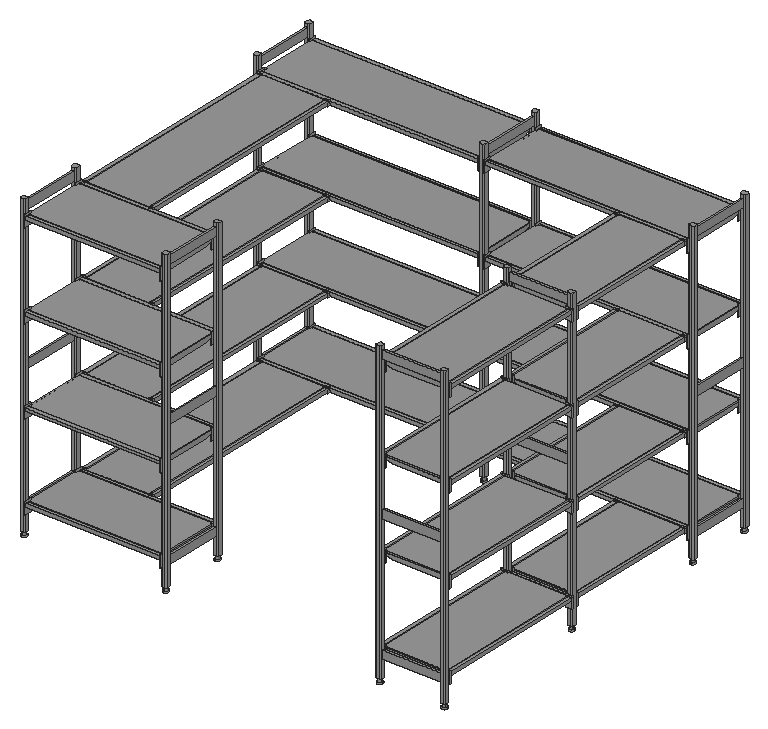
Revit family "QF_ELECTROLUXPROFESSIONAL_137102_CRS2420", category Attrezzature speciali, Revit 2020
Family settings
  Quota connettore circolare = Usa diametro
  Tipo di parte = Normale
  Basato su piano di lavoro = No
  Sempre verticale = Sì
  Taglio con vuoti quando caricato = No
  Condiviso = No
  Punto di calcolo locali = No
Parameters (values of type "Standard")
  Weight = 95.00 kg
  Watts = 0 W
  Volts = 0 V
  URL Manufacturer = "https://www.electroluxprofessional.com/"
  URL = "https://www.electroluxprofessional.com/"
  Steam Supply Size = 0 mm
  Steam Supply Minimum Pressure = 0.0 Pa
  Steam Supply Maximum Pressure = 0.0 Pa
  Steam Consumption per Hour = 0
  Refrigeration Suction Line Size = 0 mm
  Refrigeration Liquid Line Size = 0 mm
  Refrigerant Compressor Remote = yes
  Prospetto di default = 0 mm
  Produttore = "Electrolux Professional"
  Phase = 0
  Modello = "CRS2420"
  Length Actual = 708 mm  # constant formula
  Item Number = "137102"
  Hot Water Size = 0 mm
  Height Actual = 1550 mm  # constant formula
  HP = "0 HP"
  Gas Size = 0 mm
  Gas KW = 0
  Gas Input Pressure = 0 W
  Direct Waste Size = 0 mm
  Descrizione = "ALUM.SHELV.,POLY.TIERS-COLDROOM 243X203"
  Depth Actual = 373 mm  # constant formula
  Cycle = 0 Hz
  Condensate Return Size = 0 mm
  Compressed Air Volume = 0.0 L/s
  Compressed Air Size = 0 mm
  Compressed Air Pressure = 0.0 Pa
  Cold Water Size = 0 mm
  Accessory = yes
Reference planes
  plane 1 "Center (Front/Back)": y = 0
  plane 2: z = 0
  plane 3 "Center (Left/Right)": x = 0
  plane 4: x = -1215
  plane 5: y = 1015
  plane 6: y = -1015
  plane 7: x = 1215
  plane 8: x = -1157
  plane 9: x = 1157
  plane 10: y = 975.5
  plane 11: y = -975.5
Forms (mm)
  Extrusion 1, solid, material "QF_Clearances", detail levels coarse
    sketch origin (0, 0, 0) x (1, 0, 0) y (0, 1, 0)
      loop
        line (-1215, -1015) -> (1215, -1015) -> (1215, 1015) -> (-1215, 1015) -> (-1215, -1015)
      loop
        line (1157, -975.5) -> (1157, 975.5) -> (-1157, 975.5) -> (-1157, -975.5) -> (1157, -975.5)
    from 0 to 1590
Lines and regions (mm)
  symbolic lines, style "QF_Clearances"
    curve 1: line (-1215, 1015, 0) -> (-1215, -1015, 0)
    curve 2: line (1215, 1015, 0) -> (-1215, 1015, 0)
    curve 3: line (1215, -1015, 0) -> (1215, 1015, 0)
Dimensions and locks
  equal spacing: plane 5, plane 1 "Center (Front/Back)", plane 6
  plane 5 to plane 6 = 2030 mm
  equal spacing: plane 4, plane 3 "Center (Left/Right)", plane 7
  plane 4 to plane 7 = 2430 mm
  plane 4 to plane 8 = 58 mm  (x2)
  plane 8 to plane 9 = 2314 mm
  plane 11 to plane 6 = 39.5 mm
  plane 10 to plane 11 = 1951 mm
  Extrusion 1 to nested 3 = 775.5 mm
  Extrusion 1 to nested 3 = 84.5 mm
  aligned and locked: level to plane 2
  aligned and locked: plane 4 to Extrusion 1 sketch curve
  aligned and locked: Extrusion 1 sketch curve to plane 5
  aligned and locked: Extrusion 1 sketch curve to plane 7
  aligned and locked: Extrusion 1 sketch curve to plane 8
  aligned and locked: plane 10 to Extrusion 1 sketch curve
  aligned and locked: plane 9 to Extrusion 1 sketch curve
  aligned and locked: Extrusion 1 sketch curve to plane 11
  aligned and locked: Extrusion 1 sketch curve to plane 6
Automatic sketch dimensions
  curve 1 to plane 4 = 0 mm
  curve 2 to plane 5 = 0 mm
  curve 2 to plane 7 = 0 mm
  curve 1 to plane 6 = 0 mm
  curve 3 to plane 6 = 0 mm
Nested families
  nested 1: "QF_1152" at (-518, 952.5, 0), type "QF_1152"
  nested 2: "QF_1062" at (625, 952.5, 0), type "QF_1062"
  nested 3: "QF_708" at (-736.5, -580.5, 0), type "QF_708"
  nested 4: "QF_1152G2" at (-905.5, -36, 0), type "QF_1152G2"
  nested 5: "QF_708G" at (966.5, 408, 0), type "QF_708G"
  nested 6: "QF_798" at (772, -513.5, 0) x (0, 1, 0) z (0, 0, 1), type "QF_798"
Definition of nested family "QF_1152"
  Parameters
    Default Elevation = 0 mm
    Model = "137015"
    Manufacturer = "Electrolux Professional"
    Description = ""
  Reference planes
    plane 1: z = 0
    plane 2 "Center (Left/Right)": x = -31
    plane 3 "LEFT": x = -639
    plane 4 "RIGHT": x = 577
    plane 5 "BACK": y = 23
    plane 6 "FRONT": y = -350
    plane 7 "TOP": z = 1700
    plane 8: x = 572
    plane 9: x = -607
    plane 10: x = 545
    plane 11 "Center (Front/Back)": y = -163.5
    plane 12: x = 540
    plane 13: y = -8.5
    plane 14: y = -318.5
    plane 15 "FEET": z = 25
    plane 16: z = 140
    plane 17: z = 590
    plane 18: z = 1040
    plane 19: z = 1490
    plane 20 "CXLeft": x = -625
    plane 21 "CXRight": x = 563
    plane 22: y = 5.5
    plane 23 "CYBack": y = 5.5
    plane 24 "CYFront": y = -332.5
  Forms (mm)
    Extrusion 1, solid
      sketch origin (-639, 0, 0) x (0, 1, 0) y (0, 0, 1)
        loop
          line (4, 1515.994) -> (4, 1497.998) -> (23, 1497.998) -> (23, 1515.994) -> (4, 1515.994)
        loop
          line (-331, 1515.994) -> (-350, 1515.994) -> (-350, 1497.998) -> (-331, 1497.998) -> (-331, 1515.994)
        loop
          line (4, 1065.994) -> (4, 1047.998) -> (23, 1047.998) -> (23, 1065.994) -> (4, 1065.994)
        loop
          line (-331, 1065.994) -> (-350, 1065.994) -> (-350, 1047.998) -> (-331, 1047.998) -> (-331, 1065.994)
        loop
          line (4, 615.994) -> (4, 597.998) -> (23, 597.998) -> (23, 615.994) -> (4, 615.994)
        loop
          line (-331, 615.994) -> (-350, 615.994) -> (-350, 597.998) -> (-331, 597.998) -> (-331, 615.994)
        loop
          line (4, 165.994) -> (4, 147.998) -> (23, 147.998) -> (23, 165.994) -> (4, 165.994)
        loop
          line (-331, 165.994) -> (-350, 165.994) -> (-350, 147.998) -> (-331, 147.998) -> (-331, 165.994)
      from 32 to 1184
    Extrusion 2, solid
      sketch origin (-639, 0, 135) x (0, 1, 0) y (0, 0, 1)
        loop
          line (2.007, 1380.994) -> (-329, 1380.994) -> (-329, 1374.496) -> (2.007, 1374.496) -> (2.007, 1380.994)
        loop
          line (2.007, 930.994) -> (-329, 930.994) -> (-329, 924.496) -> (2.007, 924.496) -> (2.007, 930.994)
        loop
          line (2.007, 480.994) -> (-329, 480.994) -> (-329, 474.496) -> (2.007, 474.496) -> (2.007, 480.994)
        loop
          line (2.007, 30.994) -> (-329, 30.994) -> (-329, 24.496) -> (2.007, 24.496) -> (2.007, 30.994)
      from 32 to 1184
    Extrusion 3, solid
      sketch origin (577, 0, 135) x (0, 1, 0) y (0, 0, 1)
        loop
          line (-12, 1362.998) -> (4, 1362.998) -> (4, 1380.994) -> (2.007, 1380.994) -> (2.007, 1374.496) -> (-329, 1374.496) -> (-329, 1380.994) -> (-331, 1380.994) -> (-331, 1362.998) -> (-315, 1362.998) -> (-281, 1350.994) -> (-46, 1350.994) -> (-12, 1362.998)
        loop
          line (-12, 912.998) -> (4, 912.998) -> (4, 930.994) -> (2.007, 930.994) -> (2.007, 924.496) -> (-329, 924.496) -> (-329, 930.994) -> (-331, 930.994) -> (-331, 912.998) -> (-315, 912.998) -> (-281, 900.994) -> (-46, 900.994) -> (-12, 912.998)
        loop
          line (-12, 462.998) -> (4, 462.998) -> (4, 480.994) -> (2.007, 480.994) -> (2.007, 474.496) -> (-329, 474.496) -> (-329, 480.994) -> (-331, 480.994) -> (-331, 462.998) -> (-315, 462.998) -> (-281, 450.994) -> (-46, 450.994) -> (-12, 462.998)
        loop
          line (-12, 12.998) -> (4, 12.998) -> (4, 30.994) -> (2.007, 30.994) -> (2.007, 24.496) -> (-329, 24.496) -> (-329, 30.994) -> (-331, 30.994) -> (-331, 12.998) -> (-315, 12.998) -> (-281, 0.994) -> (-46, 0.994) -> (-12, 12.998)
      from -32 to -37
  Lines and regions (mm)
    symbolic lines
      curve 1: line (545, 4, 1700) -> (-607, 4, 1700)
      curve 2: line (-611, 23, 1700) -> (549, 23, 1700)
      curve 3: line (549, 13.246, 1700) -> (555.254, 19.5, 1700)
      curve 4: line (555.254, -8.5, 1700) -> (549, -2.246, 1700)
      curve 5: line (555.254, -318.5, 1700) -> (549, -324.754, 1700)
      curve 6: line (-611, -350, 1700) -> (549, -350, 1700)
      curve 7: line (549, 23, 1700) -> (549, -12.993, 1700)
      curve 8: line (549, -12.993, 1700) -> (545, -12.993, 1700)
      curve 9: line (549, -350, 1700) -> (549, -314.007, 1700)
      curve 10: line (549, -314.007, 1700) -> (545, -314.007, 1700)
      curve 11: line (-607, -12.993, 1700) -> (-607, -314.007, 1700)
      curve 12: line (-607, -331, 1700) -> (545, -331, 1700)
      curve 13: line (545, -12.993, 1700) -> (545, -314.007, 1700)
  Dimensions and locks
    locked: plane 3 "LEFT" to plane 4 "RIGHT" at 1216
    equal spacing: plane 3 "LEFT", plane 2 "Center (Left/Right)", plane 4 "RIGHT"
    locked: plane 7 "TOP" to level at 1700
    locked: plane 5 "BACK" to plane 6 "FRONT" at 373
    locked: plane 4 "RIGHT" to plane 8 at 5
    locked: plane 9 to plane 10 at 1152
    locked: plane 3 "LEFT" to plane 9 at 32
    plane 12 to plane 10 = 5 mm
    locked: plane 13 to plane 14 at 310
    equal spacing: plane 13, plane 11 "Center (Front/Back)", plane 14
    equal spacing: plane 5 "BACK", plane 11 "Center (Front/Back)", plane 6 "FRONT"
    plane 15 "FEET" to level = 25 mm
    plane 7 "TOP" to plane 15 "FEET" = 1675 mm
    plane 17 to plane 16 = 450 mm
    plane 18 to plane 17 = 450 mm
    plane 19 to plane 18 = 450 mm
    locked: plane 3 "LEFT" to plane 20 "CXLeft" at 14
    locked: plane 21 "CXRight" to plane 4 "RIGHT" at 14
    locked: plane 5 "BACK" to plane 23 "CYBack" at 17.5
    locked: plane 24 "CYFront" to plane 6 "FRONT" at 17.5
    plane 16 to level = 140 mm
    plane 17 to level = 590 mm
    plane 18 to level = 1040 mm
    plane 19 to level = 1490 mm
    aligned and locked: level to plane 1
    aligned and locked: plane 9 to Extrusion 2
    aligned and locked: Extrusion 2 to plane 10
    aligned and locked: plane 9 to Extrusion 1
    aligned and locked: Extrusion 1 to plane 10
    aligned and locked: Extrusion 1 sketch curve to Extrusion 1 sketch curve  (x2)
    aligned and locked: Extrusion 3 sketch curve to Extrusion 3 sketch curve  (x3)
    aligned and locked: Extrusion 3 to plane 12
    aligned and locked: Extrusion 3 to plane 10
    aligned and locked: plane 20 "CXLeft" to nested 1
    aligned and locked: plane 21 "CXRight" to nested 2
  Automatic sketch dimensions
    Extrusion 1 sketch curve to plane 6 "FRONT" = 0 mm  (x4)
    Extrusion 1 sketch curve to plane 5 "BACK" = 0 mm  (x4)
    plane 24 "CYFront" to Extrusion 1 sketch curve = 1.5 mm  (x2)
    plane 22 to Extrusion 1 sketch curve = 1.5 mm  (x4)
    plane 16 to Extrusion 1 sketch curve = 7.998 mm  (x2)
    Extrusion 1 sketch curve to Extrusion 1 sketch curve = 17.997 mm  (x8)
    plane 17 to Extrusion 1 sketch curve = 7.998 mm  (x2)
    plane 18 to Extrusion 1 sketch curve = 7.998 mm  (x2)
    plane 19 to Extrusion 1 sketch curve = 7.998 mm  (x2)
    plane 24 "CYFront" to Extrusion 2 sketch curve = 3.5 mm  (x4)
    plane 22 to Extrusion 2 sketch curve = 3.493 mm  (x4)
    plane 16 to Extrusion 2 sketch curve = 19.496 mm
    Extrusion 2 sketch curve to Extrusion 2 sketch curve = 6.499 mm  (x4)
    plane 17 to Extrusion 2 sketch curve = 19.496 mm
    plane 18 to Extrusion 2 sketch curve = 19.496 mm
    plane 19 to Extrusion 2 sketch curve = 19.496 mm
    plane 24 "CYFront" to Extrusion 3 sketch curve = 1.5 mm  (x4)
    Extrusion 3 sketch curve to Extrusion 3 sketch curve = 2 mm
    plane 14 to Extrusion 3 sketch curve = 3.5 mm  (x4)
    Extrusion 3 sketch curve to plane 16 = 4.006 mm
    Extrusion 3 sketch curve to Extrusion 3 sketch curve = 34 mm  (x4)
    Extrusion 3 sketch curve to plane 17 = 4.006 mm
    Extrusion 3 sketch curve to plane 18 = 4.006 mm
    Extrusion 3 sketch curve to plane 19 = 4.006 mm
    Extrusion 3 sketch curve to plane 13 = 37.5 mm  (x4)
    Extrusion 3 sketch curve to plane 13 = 3.5 mm  (x4)
    plane 22 to Extrusion 3 sketch curve = 3.493 mm  (x4)
    plane 22 to Extrusion 3 sketch curve = 1.5 mm  (x4)
    plane 16 to Extrusion 3 sketch curve = 7.998 mm  (x2)
    Extrusion 3 sketch curve to Extrusion 3 sketch curve = 11.498 mm  (x4)
    Extrusion 3 sketch curve to Extrusion 3 sketch curve = 6.499 mm  (x8)
    plane 17 to Extrusion 3 sketch curve = 7.998 mm  (x2)
    plane 18 to Extrusion 3 sketch curve = 7.998 mm  (x2)
    plane 19 to Extrusion 3 sketch curve = 7.998 mm  (x2)
    curve 6 to plane 6 "FRONT" = 0 mm
    curve 12 to plane 9 = 0 mm
    curve 12 to plane 10 = 0 mm
    curve 5 to plane 14 = 0 mm
    curve 11 to plane 9 = 0 mm
    curve 8 to plane 10 = 0 mm
    curve 4 to plane 13 = 0 mm
    curve 1 to plane 9 = 0 mm
    curve 1 to plane 10 = 0 mm
    curve 2 to plane 5 "BACK" = 0 mm
    plane 14 to curve 10 = 4.493 mm
    curve 7 to plane 13 = 4.493 mm
    curve 10 to plane 10 = 4 mm
    curve 7 to plane 10 = 4 mm
    plane 24 "CYFront" to curve 12 = 1.5 mm
    curve 5 to plane 14 = 6.254 mm
    plane 14 to curve 11 = 4.493 mm
    curve 11 to plane 13 = 4.493 mm
    plane 13 to curve 4 = 6.254 mm
    plane 22 to curve 1 = 1.5 mm
    curve 3 to plane 22 = 7.746 mm
    curve 3 to plane 5 "BACK" = 3.5 mm
    curve 5 to curve 9 = 6.254 mm
    curve 3 to curve 2 = 6.254 mm
    curve 4 to curve 7 = 6.254 mm
    plane 9 to curve 2 = 4 mm
    plane 9 to curve 6 = 4 mm
  Nested families
    nested 1: "WT_Anta373B" at (-222, 0, 0), type "WT_Anta373B"
    nested 2: "WT_Anta373B" at (160, 0, 0) x (-1, 0, 0) z (0, 0, 1), type "WT_Anta373B"
  Definition of nested family "WT_Anta373B"
    Parameters
      WidthLeft = A + 64 mm  # 772 mm
      Width = 1606 mm
      Right = WidthLeft / 2  # 386 mm
      Default Elevation = 0 mm
      Left = -WidthLeft / 2  # -386 mm
      Height = 1590 mm
      FEET = 25 mm
      E = 0 mm
      Dint = Depth - 63 mm  # 310 mm
      Dext = Depth - 8 mm  # 365 mm
      Depth = 373 mm
      DX = (WidthLeft - A) / 2  # 32 mm
      B = 798 mm
      A = 708 mm
    Reference planes
      plane 1: z = 0
      plane 2 "LEFT": x = -417
      plane 3 "BACK": y = 23
      plane 4 "FRONT": y = -350
      plane 5 "TOP": z = 1590
      plane 6 "Center (Front/Back)": y = -163.5
      plane 7: y = -8.5
      plane 8: y = -318.5
      plane 9 "FEET": z = 25
      plane 10: z = 140
      plane 11: z = 590
      plane 12: z = 1040
      plane 13: z = 1490
      plane 14 "CXLeft": x = -403
      plane 15: y = 5.5
      plane 16 "CYBack": y = 5.5
      plane 17 "CYFront": y = -332.5
      plane 18: x = -385.031
      plane 19: x = -380.031
    Forms (mm)
      Extrusion 1, solid
        sketch origin (0, 0, 0) x (1, 0, 0) y (0, 1, 0)
          loop
            line (-417, 13.246) -> (-417, -2.246) -> (-410.746, -8.5) -> (-395.254, -8.5) -> (-389, -2.246) -> (-389, 13.246) -> (-395.254, 19.5) -> (-410.746, 19.5) -> (-417, 13.246)
        from 1590 to 25
      Extrusion 2, solid
        sketch origin (-417, 0, 0) x (0, 1, 0) y (0, 0, 1)
          loop
            line (23, 111.005) -> (23, 172.993) -> (-12.993, 172.993) -> (-12.993, 111.005) -> (23, 111.005)
          loop
            line (-350, 111.005) -> (-314.007, 111.005) -> (-314.007, 172.993) -> (-350, 172.993) -> (-350, 111.005)
          loop
            line (23, 561.005) -> (23, 622.993) -> (-12.993, 622.993) -> (-12.993, 561.005) -> (23, 561.005)
          loop
            line (-350, 561.005) -> (-314.007, 561.005) -> (-314.007, 622.993) -> (-350, 622.993) -> (-350, 561.005)
          loop
            line (23, 1011.005) -> (23, 1072.993) -> (-12.993, 1072.993) -> (-12.993, 1011.005) -> (23, 1011.005)
          loop
            line (-350, 1011.005) -> (-314.007, 1011.005) -> (-314.007, 1072.993) -> (-350, 1072.993) -> (-350, 1011.005)
          loop
            line (23, 1461.005) -> (23, 1522.993) -> (-12.993, 1522.993) -> (-12.993, 1461.005) -> (23, 1461.005)
          loop
            line (-350, 1461.005) -> (-314.007, 1461.005) -> (-314.007, 1522.993) -> (-350, 1522.993) -> (-350, 1461.005)
        from 28 to 32
      Revolve 3, solid
        sketch origin (-403, 0, 0) x (0, 1, 0) y (0, 0, 1)
          loop
            line (5.5, 25) -> (5.5, 0) -> (19, 0) -> (19, 5) -> (14, 5) -> (14, 25) -> (5.5, 25)
          axis (5.5, 25) -> (5.5, 0)
        angle from 0 to 360
      Extrusion 4, solid
        sketch origin (-403, 0, 0) x (0, 1, 0) y (0, 0, 1)
          loop
            line (-8.5, 777.382) -> (-8.5, 822.374) -> (-318.5, 822.374) -> (-318.5, 777.382) -> (-8.5, 777.382)
          loop
            line (-8.5, 1527.244) -> (-8.5, 1572.236) -> (-318.5, 1572.236) -> (-318.5, 1527.244) -> (-8.5, 1527.244)
        from -5 to 5
      Revolve 5, solid
        sketch origin (-403, -627, 0) x (0, -1, 0) y (0, 0, 1)
          loop
            line (-294.5, 25) -> (-294.5, 0) -> (-281, 0) -> (-281, 5) -> (-286, 5) -> (-286, 25) -> (-294.5, 25)
          axis (-294.5, 25) -> (-294.5, 0)
        angle from 0 to 360
      Extrusion 6, solid
        sketch origin (0, -627, 0) x (1, 0, 0) y (0, 1, 0)
          loop
            line (-417, 286.754) -> (-410.746, 280.5) -> (-395.254, 280.5) -> (-389, 286.754) -> (-389, 302.246) -> (-395.254, 308.5) -> (-410.746, 308.5) -> (-417, 302.246) -> (-417, 286.754)
        from 1590 to 25
      Extrusion 7, solid
        sketch origin (-417.031, -0.022, 0) x (0, 1, 0) y (0, 0, -1)
          loop
            line (-12, -1497.998) -> (-46, -1485.994) -> (-281, -1485.994) -> (-315, -1497.998) -> (-331, -1497.998) -> (-331, -1515.994) -> (-329, -1515.994) -> (-329, -1509.496) -> (2.007, -1509.496) -> (2.007, -1515.994) -> (4, -1515.994) -> (4, -1497.998) -> (-12, -1497.998)
          loop
            line (-12, -1047.998) -> (-46, -1035.994) -> (-281, -1035.994) -> (-315, -1047.998) -> (-331, -1047.998) -> (-331, -1065.994) -> (-329, -1065.994) -> (-329, -1059.496) -> (2.007, -1059.496) -> (2.007, -1065.994) -> (4, -1065.994) -> (4, -1047.998) -> (-12, -1047.998)
          loop
            line (-12, -597.998) -> (-46, -585.994) -> (-281, -585.994) -> (-315, -597.998) -> (-331, -597.998) -> (-331, -615.994) -> (-329, -615.994) -> (-329, -609.496) -> (2.007, -609.496) -> (2.007, -615.994) -> (4, -615.994) -> (4, -597.998) -> (-12, -597.998)
          loop
            line (-12, -147.998) -> (-46, -135.994) -> (-281, -135.994) -> (-315, -147.998) -> (-331, -147.998) -> (-331, -165.994) -> (-329, -165.994) -> (-329, -159.496) -> (2.007, -159.496) -> (2.007, -165.994) -> (4, -165.994) -> (4, -147.998) -> (-12, -147.998)
        from -32 to -37
      Extrusion 8, solid
        sketch origin (-403, 0, -659.878) x (0, 1, 0) y (0, 0, 1)
          loop
            line (-8.5, 777.382) -> (-8.5, 822.374) -> (-318.5, 822.374) -> (-318.5, 777.382) -> (-8.5, 777.382)
          loop
            line (-8.5, 1437.382) -> (-8.5, 1482.374) -> (-318.5, 1482.374) -> (-318.5, 1437.382) -> (-8.5, 1437.382)
          loop
            line (-8.5, 2187.382) -> (-8.5, 2232.374) -> (-318.5, 2232.374) -> (-318.5, 2187.382) -> (-8.5, 2187.382)
        from -5 to 5
    Lines and regions (mm)
      symbolic lines
        curve 1: line (-408, -8.5, 1590) -> (-408, -318.5, 1590)
        curve 2: line (-398, -318.5, 1590) -> (-398, -8.5, 1590)
        curve 3: line (-395.254, -8.5, 1590) -> (-410.746, -8.5, 1590)
        curve 4: line (-417, -2.246, 1590) -> (-410.746, -8.5, 1590)
        curve 5: line (-417, 13.246, 1590) -> (-417, -2.246, 1590)
        curve 6: line (-410.746, 19.5, 1590) -> (-417, 13.246, 1590)
        curve 7: line (-395.254, 19.5, 1590) -> (-410.746, 19.5, 1590)
        curve 8: line (-389, 13.246, 1590) -> (-395.254, 19.5, 1590)
        curve 9: line (-395.254, -8.5, 1590) -> (-389, -2.246, 1590)
        curve 10: line (-395.254, -318.5, 1590) -> (-410.746, -318.5, 1590)
        curve 11: line (-417, -324.754, 1590) -> (-410.746, -318.5, 1590)
        curve 12: line (-410.746, -346.5, 1590) -> (-417, -340.246, 1590)
        curve 13: line (-395.254, -346.5, 1590) -> (-410.746, -346.5, 1590)
        curve 14: line (-389, -340.246, 1590) -> (-395.254, -346.5, 1590)
        curve 15: line (-395.254, -318.5, 1590) -> (-389, -324.754, 1590)
        curve 16: line (-389, -350, 1590) -> (-389, -314.007, 1590)
        curve 17: line (-389, -314.007, 1590) -> (-385, -314.007, 1590)
        curve 18: line (-389, 23, 1590) -> (-389, -12.993, 1590)
        curve 19: line (-389, -12.993, 1590) -> (-385, -12.993, 1590)
        curve 20: line (-417, -324.754, 1590) -> (-417, -340.246, 1590)
        curve 21: line (-385, -350, 1590) -> (-385, -314.007, 1590)
        curve 22: line (-385, -350, 1590) -> (-389, -350, 1590)
        curve 23: line (-385, 23, 1590) -> (-389, 23, 1590)
        curve 24: line (-385, -12.993, 1590) -> (-385, 23, 1590)
        curve 25: line (-385.031, -13.016, 1725) -> (-385.031, -314.029, 1725)
    Dimensions and locks
      "Depth": plane 3 "BACK" to plane 4 "FRONT"
      "Dint": plane 7 to plane 8
      equal spacing: plane 7, plane 6 "Center (Front/Back)", plane 8
      equal spacing: plane 3 "BACK", plane 6 "Center (Front/Back)", plane 4 "FRONT"
      plane 9 "FEET" to level = 25 mm
      plane 10 to plane 9 "FEET" = 115 mm
      plane 11 to plane 10 = 450 mm
      plane 12 to plane 11 = 450 mm
      plane 13 to plane 12 = 450 mm
      locked: plane 2 "LEFT" to plane 14 "CXLeft" at 14
      locked: plane 3 "BACK" to plane 16 "CYBack" at 17.5
      locked: plane 17 "CYFront" to plane 4 "FRONT" at 17.5
      locked: Revolve 3 sketch curve to Revolve 3 sketch curve at 8.5
      locked: Revolve 3 sketch curve to plane 16 "CYBack" at 13.5
      locked: Revolve 5 sketch curve to Revolve 5 sketch curve at 8.5
      plane 10 to level = 140 mm
      plane 11 to level = 590 mm
      plane 12 to level = 1040 mm
      plane 13 to level = 1490 mm
      "Height": plane 5 "TOP" to level
      aligned and locked: level to plane 1
      aligned and locked: curve 20 to Extrusion 6
      aligned and locked: plane 5 "TOP" to Extrusion 1
      aligned and locked: plane 5 "TOP" to Extrusion 6
      aligned and locked: Extrusion 7 sketch curve to Extrusion 7 sketch curve  (x3)
    Automatic sketch dimensions
      curve 16 to plane 4 "FRONT" = 0 mm
      curve 11 to plane 8 = 0 mm
      curve 9 to plane 7 = 0 mm
      curve 5 to plane 2 "LEFT" = 0 mm
      curve 23 to plane 3 "BACK" = 0 mm
      plane 4 "FRONT" to curve 13 = 3.5 mm
      curve 20 to plane 17 "CYFront" = 7.746 mm
      curve 20 to plane 8 = 6.254 mm
      plane 8 to curve 16 = 4.493 mm
      curve 24 to plane 18 = 0.031 mm
      curve 24 to plane 7 = 4.493 mm
      plane 7 to curve 5 = 6.254 mm
      curve 5 to plane 15 = 7.746 mm
      curve 6 to plane 3 "BACK" = 3.5 mm
      curve 21 to plane 18 = 0.031 mm
      plane 18 to curve 23 = 3.969 mm
      plane 18 to curve 16 = 3.969 mm
      curve 18 to curve 8 = 6.254 mm
      curve 18 to curve 3 = 6.254 mm
      curve 16 to curve 13 = 6.254 mm
      curve 16 to curve 15 = 6.254 mm
      plane 2 "LEFT" to curve 10 = 6.254 mm
      plane 2 "LEFT" to curve 7 = 6.254 mm
      plane 2 "LEFT" to curve 12 = 6.254 mm
      plane 2 "LEFT" to curve 3 = 6.254 mm
      curve 14 to plane 17 "CYFront" = 7.746 mm
      curve 15 to plane 8 = 6.254 mm
      plane 7 to curve 9 = 6.254 mm
      curve 8 to plane 15 = 7.746 mm
      curve 3 to curve 2 = 2.746 mm
      curve 1 to curve 10 = 2.746 mm
      Extrusion 1 sketch curve to plane 2 "LEFT" = 0 mm
      Extrusion 1 sketch curve to plane 7 = 0 mm
      plane 2 "LEFT" to Extrusion 1 sketch curve = 6.254 mm  (x2)
      plane 14 "CXLeft" to Extrusion 1 sketch curve = 7.746 mm  (x2)
      Extrusion 1 sketch curve to plane 3 "BACK" = 3.5 mm
      plane 18 to Extrusion 1 sketch curve = 3.969 mm
      plane 7 to Extrusion 1 sketch curve = 6.254 mm  (x2)
      Extrusion 1 sketch curve to plane 15 = 7.746 mm  (x2)
      Extrusion 2 sketch curve to plane 4 "FRONT" = 0 mm  (x4)
      Extrusion 2 sketch curve to plane 3 "BACK" = 0 mm  (x4)
      plane 8 to Extrusion 2 sketch curve = 4.493 mm  (x4)
      Extrusion 2 sketch curve to plane 7 = 4.493 mm  (x4)
      Extrusion 2 sketch curve to plane 10 = 28.995 mm  (x2)
      plane 10 to Extrusion 2 sketch curve = 32.993 mm  (x2)
      Extrusion 2 sketch curve to plane 11 = 28.995 mm  (x2)
      plane 11 to Extrusion 2 sketch curve = 32.993 mm  (x2)
      Extrusion 2 sketch curve to plane 12 = 28.995 mm  (x2)
      plane 12 to Extrusion 2 sketch curve = 32.993 mm  (x2)
      Extrusion 2 sketch curve to plane 13 = 28.995 mm  (x2)
      plane 13 to Extrusion 2 sketch curve = 32.993 mm  (x2)
      Revolve 3 sketch curve to plane 9 "FEET" = 0 mm  (x2)
      Revolve 3 sketch curve to plane 15 = 0 mm  (x2)
      Revolve 3 sketch curve to level = 0 mm
      level to Revolve 3 sketch curve = 5 mm
      Revolve 3 sketch curve to Revolve 3 sketch curve = 11.655 mm
      Extrusion 4 sketch curve to plane 8 = 0 mm  (x2)
      Extrusion 4 sketch curve to plane 7 = 0 mm  (x2)
      plane 11 to Extrusion 4 sketch curve = 187.382 mm
      Extrusion 4 sketch curve to Extrusion 4 sketch curve = 44.992 mm
      plane 13 to Extrusion 4 sketch curve = 37.244 mm
      Extrusion 4 sketch curve to plane 5 "TOP" = 17.764 mm
      Revolve 5 sketch curve to plane 9 "FEET" = 0 mm  (x2)
      Revolve 5 sketch curve to plane 17 "CYFront" = 0 mm  (x2)
      Revolve 5 sketch curve to level = 0 mm
      Revolve 5 sketch curve to plane 4 "FRONT" = 4 mm
      Revolve 5 sketch curve to Revolve 5 sketch curve = 5 mm
      level to Revolve 5 sketch curve = 11.655 mm
      Extrusion 6 sketch curve to plane 2 "LEFT" = 0 mm
      Extrusion 6 sketch curve to plane 8 = 0 mm
      Extrusion 6 sketch curve to plane 2 "LEFT" = 6.254 mm  (x2)
      Extrusion 6 sketch curve to plane 14 "CXLeft" = 7.746 mm  (x2)
      Extrusion 6 sketch curve to plane 4 "FRONT" = 3.5 mm
      Extrusion 6 sketch curve to plane 18 = 3.969 mm
      plane 8 to Extrusion 6 sketch curve = 6.254 mm  (x2)
      plane 17 "CYFront" to Extrusion 6 sketch curve = 7.746 mm  (x2)
      plane 17 "CYFront" to Extrusion 7 sketch curve = 1.478 mm  (x4)
      Extrusion 7 sketch curve to Extrusion 7 sketch curve = 2 mm
      plane 8 to Extrusion 7 sketch curve = 3.478 mm  (x4)
      Extrusion 7 sketch curve to plane 10 = 4.006 mm
      Extrusion 7 sketch curve to Extrusion 7 sketch curve = 34 mm  (x4)
      Extrusion 7 sketch curve to plane 11 = 4.006 mm
      Extrusion 7 sketch curve to plane 12 = 4.006 mm
      Extrusion 7 sketch curve to plane 13 = 4.006 mm
      Extrusion 7 sketch curve to plane 7 = 37.522 mm  (x4)
      Extrusion 7 sketch curve to plane 7 = 3.522 mm  (x4)
      plane 15 to Extrusion 7 sketch curve = 3.516 mm  (x4)
      plane 15 to Extrusion 7 sketch curve = 1.522 mm  (x4)
      plane 13 to Extrusion 7 sketch curve = 7.998 mm  (x2)
      Extrusion 7 sketch curve to Extrusion 7 sketch curve = 11.498 mm
      Extrusion 7 sketch curve to Extrusion 7 sketch curve = 6.499 mm  (x5)
      plane 12 to Extrusion 7 sketch curve = 25.994 mm  (x2)
      plane 12 to Extrusion 7 sketch curve = 7.998 mm  (x2)
      plane 11 to Extrusion 7 sketch curve = 25.994 mm  (x2)
      plane 11 to Extrusion 7 sketch curve = 7.998 mm  (x2)
      plane 10 to Extrusion 7 sketch curve = 25.994 mm  (x2)
      plane 10 to Extrusion 7 sketch curve = 7.998 mm  (x2)
      curve 25 to plane 18 = 0 mm
      plane 8 to curve 25 = 4.471 mm
      curve 25 to plane 7 = 4.516 mm
      Extrusion 8 sketch curve to plane 8 = 0 mm  (x3)
      Extrusion 8 sketch curve to plane 7 = 0 mm  (x3)
      Extrusion 8 sketch curve to plane 10 = 22.496 mm
      plane 10 to Extrusion 8 sketch curve = 22.496 mm
      plane 11 to Extrusion 8 sketch curve = 187.504 mm
      Extrusion 8 sketch curve to Extrusion 8 sketch curve = 44.992 mm
      plane 13 to Extrusion 8 sketch curve = 37.504 mm
      Extrusion 8 sketch curve to plane 5 "TOP" = 17.504 mm
Definition of nested family "QF_1062"
  Parameters
    Default Elevation = 0 mm
    Model = "137014"
    Manufacturer = "Electrolux Professional"
    Description = ""
  Reference planes
    plane 1: z = 0
    plane 2 "Center (Left/Right)": x = -31
    plane 3 "LEFT": x = -594
    plane 4 "RIGHT": x = 532
    plane 5 "BACK": y = 23
    plane 6 "FRONT": y = -350
    plane 7 "TOP": z = 1700
    plane 8: x = 527
    plane 9: x = -562
    plane 10: x = 500
    plane 11 "Center (Front/Back)": y = -163.5
    plane 12: x = 495
    plane 13: y = -8.5
    plane 14: y = -318.5
    plane 15 "FEET": z = 25
    plane 16: z = 140
    plane 17: z = 590
    plane 18: z = 1040
    plane 19: z = 1490
    plane 20 "CXLeft": x = -580
    plane 21 "CXRight": x = 518
    plane 22: y = 5.5
    plane 23 "CYBack": y = 5.5
    plane 24 "CYFront": y = -332.5
  Forms (mm)
    Extrusion 1, solid
      sketch origin (-594, 0, 0) x (0, 1, 0) y (0, 0, 1)
        loop
          line (4, 1515.994) -> (4, 1497.998) -> (23, 1497.998) -> (23, 1515.994) -> (4, 1515.994)
        loop
          line (-331, 1515.994) -> (-350, 1515.994) -> (-350, 1497.998) -> (-331, 1497.998) -> (-331, 1515.994)
        loop
          line (4, 1065.994) -> (4, 1047.998) -> (23, 1047.998) -> (23, 1065.994) -> (4, 1065.994)
        loop
          line (-331, 1065.994) -> (-350, 1065.994) -> (-350, 1047.998) -> (-331, 1047.998) -> (-331, 1065.994)
        loop
          line (4, 615.994) -> (4, 597.998) -> (23, 597.998) -> (23, 615.994) -> (4, 615.994)
        loop
          line (-331, 615.994) -> (-350, 615.994) -> (-350, 597.998) -> (-331, 597.998) -> (-331, 615.994)
        loop
          line (4, 165.994) -> (4, 147.998) -> (23, 147.998) -> (23, 165.994) -> (4, 165.994)
        loop
          line (-331, 165.994) -> (-350, 165.994) -> (-350, 147.998) -> (-331, 147.998) -> (-331, 165.994)
      from 32 to 1094
    Extrusion 2, solid
      sketch origin (-594, 0, 135) x (0, 1, 0) y (0, 0, 1)
        loop
          line (2.007, 1380.994) -> (-329, 1380.994) -> (-329, 1374.496) -> (2.007, 1374.496) -> (2.007, 1380.994)
        loop
          line (2.007, 930.994) -> (-329, 930.994) -> (-329, 924.496) -> (2.007, 924.496) -> (2.007, 930.994)
        loop
          line (2.007, 480.994) -> (-329, 480.994) -> (-329, 474.496) -> (2.007, 474.496) -> (2.007, 480.994)
        loop
          line (2.007, 30.994) -> (-329, 30.994) -> (-329, 24.496) -> (2.007, 24.496) -> (2.007, 30.994)
      from 32 to 1094
    Extrusion 3, solid
      sketch origin (532, 0, 135) x (0, 1, 0) y (0, 0, 1)
        loop
          line (-12, 1362.998) -> (4, 1362.998) -> (4, 1380.994) -> (2.007, 1380.994) -> (2.007, 1374.496) -> (-329, 1374.496) -> (-329, 1380.994) -> (-331, 1380.994) -> (-331, 1362.998) -> (-315, 1362.998) -> (-281, 1350.994) -> (-46, 1350.994) -> (-12, 1362.998)
        loop
          line (-12, 912.998) -> (4, 912.998) -> (4, 930.994) -> (2.007, 930.994) -> (2.007, 924.496) -> (-329, 924.496) -> (-329, 930.994) -> (-331, 930.994) -> (-331, 912.998) -> (-315, 912.998) -> (-281, 900.994) -> (-46, 900.994) -> (-12, 912.998)
        loop
          line (-12, 462.998) -> (4, 462.998) -> (4, 480.994) -> (2.007, 480.994) -> (2.007, 474.496) -> (-329, 474.496) -> (-329, 480.994) -> (-331, 480.994) -> (-331, 462.998) -> (-315, 462.998) -> (-281, 450.994) -> (-46, 450.994) -> (-12, 462.998)
        loop
          line (-12, 12.998) -> (4, 12.998) -> (4, 30.994) -> (2.007, 30.994) -> (2.007, 24.496) -> (-329, 24.496) -> (-329, 30.994) -> (-331, 30.994) -> (-331, 12.998) -> (-315, 12.998) -> (-281, 0.994) -> (-46, 0.994) -> (-12, 12.998)
      from -32 to -37
  Lines and regions (mm)
    symbolic lines
      curve 1: line (500, 4, 1700) -> (-562, 4, 1700)
      curve 2: line (-566, 23, 1700) -> (504, 23, 1700)
      curve 3: line (504, 13.246, 1700) -> (510.254, 19.5, 1700)
      curve 4: line (510.254, -8.5, 1700) -> (504, -2.246, 1700)
      curve 5: line (510.254, -318.5, 1700) -> (504, -324.754, 1700)
      curve 6: line (-566, -350, 1700) -> (504, -350, 1700)
      curve 7: line (504, 23, 1700) -> (504, -12.993, 1700)
      curve 8: line (504, -12.993, 1700) -> (500, -12.993, 1700)
      curve 9: line (504, -350, 1700) -> (504, -314.007, 1700)
      curve 10: line (504, -314.007, 1700) -> (500, -314.007, 1700)
      curve 11: line (-562, -12.993, 1700) -> (-562, -314.007, 1700)
      curve 12: line (-562, -331, 1700) -> (500, -331, 1700)
      curve 13: line (500, -12.993, 1700) -> (500, -314.007, 1700)
  Dimensions and locks
    locked: plane 3 "LEFT" to plane 4 "RIGHT" at 1126
    equal spacing: plane 3 "LEFT", plane 2 "Center (Left/Right)", plane 4 "RIGHT"
    locked: plane 7 "TOP" to level at 1700
    locked: plane 5 "BACK" to plane 6 "FRONT" at 373
    locked: plane 4 "RIGHT" to plane 8 at 5
    locked: plane 9 to plane 10 at 1062
    locked: plane 3 "LEFT" to plane 9 at 32
    plane 12 to plane 10 = 5 mm
    locked: plane 13 to plane 14 at 310
    equal spacing: plane 13, plane 11 "Center (Front/Back)", plane 14
    equal spacing: plane 5 "BACK", plane 11 "Center (Front/Back)", plane 6 "FRONT"
    plane 15 "FEET" to level = 25 mm
    plane 7 "TOP" to plane 15 "FEET" = 1675 mm
    plane 17 to plane 16 = 450 mm
    plane 18 to plane 17 = 450 mm
    plane 19 to plane 18 = 450 mm
    locked: plane 3 "LEFT" to plane 20 "CXLeft" at 14
    locked: plane 21 "CXRight" to plane 4 "RIGHT" at 14
    locked: plane 5 "BACK" to plane 23 "CYBack" at 17.5
    locked: plane 24 "CYFront" to plane 6 "FRONT" at 17.5
    plane 16 to level = 140 mm
    plane 17 to level = 590 mm
    plane 18 to level = 1040 mm
    plane 19 to level = 1490 mm
    aligned and locked: level to plane 1
    aligned and locked: plane 9 to Extrusion 2
    aligned and locked: Extrusion 2 to plane 10
    aligned and locked: plane 9 to Extrusion 1
    aligned and locked: Extrusion 1 to plane 10
    aligned and locked: Extrusion 1 sketch curve to Extrusion 1 sketch curve  (x2)
    aligned and locked: Extrusion 3 sketch curve to Extrusion 3 sketch curve  (x3)
    aligned and locked: Extrusion 3 to plane 12
    aligned and locked: Extrusion 3 to plane 10
    aligned and locked: plane 20 "CXLeft" to nested 1
    aligned and locked: plane 21 "CXRight" to nested 2
  Automatic sketch dimensions
    Extrusion 1 sketch curve to plane 6 "FRONT" = 0 mm  (x4)
    Extrusion 1 sketch curve to plane 5 "BACK" = 0 mm  (x4)
    plane 24 "CYFront" to Extrusion 1 sketch curve = 1.5 mm  (x2)
    plane 22 to Extrusion 1 sketch curve = 1.5 mm  (x4)
    plane 16 to Extrusion 1 sketch curve = 7.998 mm  (x2)
    Extrusion 1 sketch curve to Extrusion 1 sketch curve = 17.997 mm  (x8)
    plane 17 to Extrusion 1 sketch curve = 7.998 mm  (x2)
    plane 18 to Extrusion 1 sketch curve = 7.998 mm  (x2)
    plane 19 to Extrusion 1 sketch curve = 7.998 mm  (x2)
    plane 24 "CYFront" to Extrusion 2 sketch curve = 3.5 mm  (x4)
    plane 22 to Extrusion 2 sketch curve = 3.493 mm  (x4)
    plane 16 to Extrusion 2 sketch curve = 19.496 mm
    Extrusion 2 sketch curve to Extrusion 2 sketch curve = 6.499 mm  (x4)
    plane 17 to Extrusion 2 sketch curve = 19.496 mm
    plane 18 to Extrusion 2 sketch curve = 19.496 mm
    plane 19 to Extrusion 2 sketch curve = 19.496 mm
    plane 24 "CYFront" to Extrusion 3 sketch curve = 1.5 mm  (x4)
    Extrusion 3 sketch curve to Extrusion 3 sketch curve = 2 mm
    plane 14 to Extrusion 3 sketch curve = 3.5 mm  (x4)
    Extrusion 3 sketch curve to plane 16 = 4.006 mm
    Extrusion 3 sketch curve to Extrusion 3 sketch curve = 34 mm  (x4)
    Extrusion 3 sketch curve to plane 17 = 4.006 mm
    Extrusion 3 sketch curve to plane 18 = 4.006 mm
    Extrusion 3 sketch curve to plane 19 = 4.006 mm
    Extrusion 3 sketch curve to plane 13 = 37.5 mm  (x4)
    Extrusion 3 sketch curve to plane 13 = 3.5 mm  (x4)
    plane 22 to Extrusion 3 sketch curve = 3.493 mm  (x4)
    plane 22 to Extrusion 3 sketch curve = 1.5 mm  (x4)
    plane 16 to Extrusion 3 sketch curve = 7.998 mm  (x2)
    Extrusion 3 sketch curve to Extrusion 3 sketch curve = 11.498 mm  (x4)
    Extrusion 3 sketch curve to Extrusion 3 sketch curve = 6.499 mm  (x8)
    plane 17 to Extrusion 3 sketch curve = 7.998 mm  (x2)
    plane 18 to Extrusion 3 sketch curve = 7.998 mm  (x2)
    plane 19 to Extrusion 3 sketch curve = 7.998 mm  (x2)
    curve 6 to plane 6 "FRONT" = 0 mm
    curve 12 to plane 9 = 0 mm
    curve 12 to plane 10 = 0 mm
    curve 5 to plane 14 = 0 mm
    curve 11 to plane 9 = 0 mm
    curve 8 to plane 10 = 0 mm
    curve 4 to plane 13 = 0 mm
    curve 1 to plane 9 = 0 mm
    curve 1 to plane 10 = 0 mm
    curve 2 to plane 5 "BACK" = 0 mm
    plane 14 to curve 10 = 4.493 mm
    curve 7 to plane 13 = 4.493 mm
    curve 10 to plane 10 = 4 mm
    curve 7 to plane 10 = 4 mm
    plane 24 "CYFront" to curve 12 = 1.5 mm
    curve 5 to plane 14 = 6.254 mm
    plane 14 to curve 11 = 4.493 mm
    curve 11 to plane 13 = 4.493 mm
    plane 13 to curve 4 = 6.254 mm
    plane 22 to curve 1 = 1.5 mm
    curve 3 to plane 22 = 7.746 mm
    curve 3 to plane 5 "BACK" = 3.5 mm
    curve 5 to curve 9 = 6.254 mm
    curve 3 to curve 2 = 6.254 mm
    curve 4 to curve 7 = 6.254 mm
    plane 9 to curve 2 = 4 mm
    plane 9 to curve 6 = 4 mm
  Nested families
    nested 1: "WT_Anta373B" at (-177, 0, 0), type "WT_Anta373B"
    nested 2: "WT_Anta373B" at (115, 0, 0) x (-1, 0, 0) z (0, 0, 1), type "WT_Anta373B"
  Definition of nested family "WT_Anta373B"
    Parameters
      WidthLeft = A + 64 mm  # 772 mm
      Width = 1606 mm
      Right = WidthLeft / 2  # 386 mm
      Default Elevation = 0 mm
      Left = -WidthLeft / 2  # -386 mm
      Height = 1590 mm
      FEET = 25 mm
      E = 0 mm
      Dint = Depth - 63 mm  # 310 mm
      Dext = Depth - 8 mm  # 365 mm
      Depth = 373 mm
      DX = (WidthLeft - A) / 2  # 32 mm
      B = 798 mm
      A = 708 mm
    Reference planes
      plane 1: z = 0
      plane 2 "LEFT": x = -417
      plane 3 "BACK": y = 23
      plane 4 "FRONT": y = -350
      plane 5 "TOP": z = 1590
      plane 6 "Center (Front/Back)": y = -163.5
      plane 7: y = -8.5
      plane 8: y = -318.5
      plane 9 "FEET": z = 25
      plane 10: z = 140
      plane 11: z = 590
      plane 12: z = 1040
      plane 13: z = 1490
      plane 14 "CXLeft": x = -403
      plane 15: y = 5.5
      plane 16 "CYBack": y = 5.5
      plane 17 "CYFront": y = -332.5
      plane 18: x = -385.031
      plane 19: x = -380.031
    Forms (mm)
      Extrusion 1, solid
        sketch origin (0, 0, 0) x (1, 0, 0) y (0, 1, 0)
          loop
            line (-417, 13.246) -> (-417, -2.246) -> (-410.746, -8.5) -> (-395.254, -8.5) -> (-389, -2.246) -> (-389, 13.246) -> (-395.254, 19.5) -> (-410.746, 19.5) -> (-417, 13.246)
        from 1590 to 25
      Extrusion 2, solid
        sketch origin (-417, 0, 0) x (0, 1, 0) y (0, 0, 1)
          loop
            line (23, 111.005) -> (23, 172.993) -> (-12.993, 172.993) -> (-12.993, 111.005) -> (23, 111.005)
          loop
            line (-350, 111.005) -> (-314.007, 111.005) -> (-314.007, 172.993) -> (-350, 172.993) -> (-350, 111.005)
          loop
            line (23, 561.005) -> (23, 622.993) -> (-12.993, 622.993) -> (-12.993, 561.005) -> (23, 561.005)
          loop
            line (-350, 561.005) -> (-314.007, 561.005) -> (-314.007, 622.993) -> (-350, 622.993) -> (-350, 561.005)
          loop
            line (23, 1011.005) -> (23, 1072.993) -> (-12.993, 1072.993) -> (-12.993, 1011.005) -> (23, 1011.005)
          loop
            line (-350, 1011.005) -> (-314.007, 1011.005) -> (-314.007, 1072.993) -> (-350, 1072.993) -> (-350, 1011.005)
          loop
            line (23, 1461.005) -> (23, 1522.993) -> (-12.993, 1522.993) -> (-12.993, 1461.005) -> (23, 1461.005)
          loop
            line (-350, 1461.005) -> (-314.007, 1461.005) -> (-314.007, 1522.993) -> (-350, 1522.993) -> (-350, 1461.005)
        from 28 to 32
      Revolve 3, solid
        sketch origin (-403, 0, 0) x (0, 1, 0) y (0, 0, 1)
          loop
            line (5.5, 25) -> (5.5, 0) -> (19, 0) -> (19, 5) -> (14, 5) -> (14, 25) -> (5.5, 25)
          axis (5.5, 25) -> (5.5, 0)
        angle from 0 to 360
      Extrusion 4, solid
        sketch origin (-403, 0, 0) x (0, 1, 0) y (0, 0, 1)
          loop
            line (-8.5, 777.382) -> (-8.5, 822.374) -> (-318.5, 822.374) -> (-318.5, 777.382) -> (-8.5, 777.382)
          loop
            line (-8.5, 1527.244) -> (-8.5, 1572.236) -> (-318.5, 1572.236) -> (-318.5, 1527.244) -> (-8.5, 1527.244)
        from -5 to 5
      Revolve 5, solid
        sketch origin (-403, -627, 0) x (0, -1, 0) y (0, 0, 1)
          loop
            line (-294.5, 25) -> (-294.5, 0) -> (-281, 0) -> (-281, 5) -> (-286, 5) -> (-286, 25) -> (-294.5, 25)
          axis (-294.5, 25) -> (-294.5, 0)
        angle from 0 to 360
      Extrusion 6, solid
        sketch origin (0, -627, 0) x (1, 0, 0) y (0, 1, 0)
          loop
            line (-417, 286.754) -> (-410.746, 280.5) -> (-395.254, 280.5) -> (-389, 286.754) -> (-389, 302.246) -> (-395.254, 308.5) -> (-410.746, 308.5) -> (-417, 302.246) -> (-417, 286.754)
        from 1590 to 25
      Extrusion 7, solid
        sketch origin (-417.031, -0.022, 0) x (0, 1, 0) y (0, 0, -1)
          loop
            line (-12, -1497.998) -> (-46, -1485.994) -> (-281, -1485.994) -> (-315, -1497.998) -> (-331, -1497.998) -> (-331, -1515.994) -> (-329, -1515.994) -> (-329, -1509.496) -> (2.007, -1509.496) -> (2.007, -1515.994) -> (4, -1515.994) -> (4, -1497.998) -> (-12, -1497.998)
          loop
            line (-12, -1047.998) -> (-46, -1035.994) -> (-281, -1035.994) -> (-315, -1047.998) -> (-331, -1047.998) -> (-331, -1065.994) -> (-329, -1065.994) -> (-329, -1059.496) -> (2.007, -1059.496) -> (2.007, -1065.994) -> (4, -1065.994) -> (4, -1047.998) -> (-12, -1047.998)
          loop
            line (-12, -597.998) -> (-46, -585.994) -> (-281, -585.994) -> (-315, -597.998) -> (-331, -597.998) -> (-331, -615.994) -> (-329, -615.994) -> (-329, -609.496) -> (2.007, -609.496) -> (2.007, -615.994) -> (4, -615.994) -> (4, -597.998) -> (-12, -597.998)
          loop
            line (-12, -147.998) -> (-46, -135.994) -> (-281, -135.994) -> (-315, -147.998) -> (-331, -147.998) -> (-331, -165.994) -> (-329, -165.994) -> (-329, -159.496) -> (2.007, -159.496) -> (2.007, -165.994) -> (4, -165.994) -> (4, -147.998) -> (-12, -147.998)
        from -32 to -37
      Extrusion 8, solid
        sketch origin (-403, 0, -659.878) x (0, 1, 0) y (0, 0, 1)
          loop
            line (-8.5, 777.382) -> (-8.5, 822.374) -> (-318.5, 822.374) -> (-318.5, 777.382) -> (-8.5, 777.382)
          loop
            line (-8.5, 1437.382) -> (-8.5, 1482.374) -> (-318.5, 1482.374) -> (-318.5, 1437.382) -> (-8.5, 1437.382)
          loop
            line (-8.5, 2187.382) -> (-8.5, 2232.374) -> (-318.5, 2232.374) -> (-318.5, 2187.382) -> (-8.5, 2187.382)
        from -5 to 5
    Lines and regions (mm)
      symbolic lines
        curve 1: line (-408, -8.5, 1590) -> (-408, -318.5, 1590)
        curve 2: line (-398, -318.5, 1590) -> (-398, -8.5, 1590)
        curve 3: line (-395.254, -8.5, 1590) -> (-410.746, -8.5, 1590)
        curve 4: line (-417, -2.246, 1590) -> (-410.746, -8.5, 1590)
        curve 5: line (-417, 13.246, 1590) -> (-417, -2.246, 1590)
        curve 6: line (-410.746, 19.5, 1590) -> (-417, 13.246, 1590)
        curve 7: line (-395.254, 19.5, 1590) -> (-410.746, 19.5, 1590)
        curve 8: line (-389, 13.246, 1590) -> (-395.254, 19.5, 1590)
        curve 9: line (-395.254, -8.5, 1590) -> (-389, -2.246, 1590)
        curve 10: line (-395.254, -318.5, 1590) -> (-410.746, -318.5, 1590)
        curve 11: line (-417, -324.754, 1590) -> (-410.746, -318.5, 1590)
        curve 12: line (-410.746, -346.5, 1590) -> (-417, -340.246, 1590)
        curve 13: line (-395.254, -346.5, 1590) -> (-410.746, -346.5, 1590)
        curve 14: line (-389, -340.246, 1590) -> (-395.254, -346.5, 1590)
        curve 15: line (-395.254, -318.5, 1590) -> (-389, -324.754, 1590)
        curve 16: line (-389, -350, 1590) -> (-389, -314.007, 1590)
        curve 17: line (-389, -314.007, 1590) -> (-385, -314.007, 1590)
        curve 18: line (-389, 23, 1590) -> (-389, -12.993, 1590)
        curve 19: line (-389, -12.993, 1590) -> (-385, -12.993, 1590)
        curve 20: line (-417, -324.754, 1590) -> (-417, -340.246, 1590)
        curve 21: line (-385, -350, 1590) -> (-385, -314.007, 1590)
        curve 22: line (-385, -350, 1590) -> (-389, -350, 1590)
        curve 23: line (-385, 23, 1590) -> (-389, 23, 1590)
        curve 24: line (-385, -12.993, 1590) -> (-385, 23, 1590)
        curve 25: line (-385.031, -13.016, 1725) -> (-385.031, -314.029, 1725)
    Dimensions and locks
      "Depth": plane 3 "BACK" to plane 4 "FRONT"
      "Dint": plane 7 to plane 8
      equal spacing: plane 7, plane 6 "Center (Front/Back)", plane 8
      equal spacing: plane 3 "BACK", plane 6 "Center (Front/Back)", plane 4 "FRONT"
      plane 9 "FEET" to level = 25 mm
      plane 10 to plane 9 "FEET" = 115 mm
      plane 11 to plane 10 = 450 mm
      plane 12 to plane 11 = 450 mm
      plane 13 to plane 12 = 450 mm
      locked: plane 2 "LEFT" to plane 14 "CXLeft" at 14
      locked: plane 3 "BACK" to plane 16 "CYBack" at 17.5
      locked: plane 17 "CYFront" to plane 4 "FRONT" at 17.5
      locked: Revolve 3 sketch curve to Revolve 3 sketch curve at 8.5
      locked: Revolve 3 sketch curve to plane 16 "CYBack" at 13.5
      locked: Revolve 5 sketch curve to Revolve 5 sketch curve at 8.5
      plane 10 to level = 140 mm
      plane 11 to level = 590 mm
      plane 12 to level = 1040 mm
      plane 13 to level = 1490 mm
      "Height": plane 5 "TOP" to level
      aligned and locked: level to plane 1
      aligned and locked: curve 20 to Extrusion 6
      aligned and locked: plane 5 "TOP" to Extrusion 1
      aligned and locked: plane 5 "TOP" to Extrusion 6
      aligned and locked: Extrusion 7 sketch curve to Extrusion 7 sketch curve  (x3)
    Automatic sketch dimensions
      curve 16 to plane 4 "FRONT" = 0 mm
      curve 11 to plane 8 = 0 mm
      curve 9 to plane 7 = 0 mm
      curve 5 to plane 2 "LEFT" = 0 mm
      curve 23 to plane 3 "BACK" = 0 mm
      plane 4 "FRONT" to curve 13 = 3.5 mm
      curve 20 to plane 17 "CYFront" = 7.746 mm
      curve 20 to plane 8 = 6.254 mm
      plane 8 to curve 16 = 4.493 mm
      curve 24 to plane 18 = 0.031 mm
      curve 24 to plane 7 = 4.493 mm
      plane 7 to curve 5 = 6.254 mm
      curve 5 to plane 15 = 7.746 mm
      curve 6 to plane 3 "BACK" = 3.5 mm
      curve 21 to plane 18 = 0.031 mm
      plane 18 to curve 23 = 3.969 mm
      plane 18 to curve 16 = 3.969 mm
      curve 18 to curve 8 = 6.254 mm
      curve 18 to curve 3 = 6.254 mm
      curve 16 to curve 13 = 6.254 mm
      curve 16 to curve 15 = 6.254 mm
      plane 2 "LEFT" to curve 10 = 6.254 mm
      plane 2 "LEFT" to curve 7 = 6.254 mm
      plane 2 "LEFT" to curve 12 = 6.254 mm
      plane 2 "LEFT" to curve 3 = 6.254 mm
      curve 14 to plane 17 "CYFront" = 7.746 mm
      curve 15 to plane 8 = 6.254 mm
      plane 7 to curve 9 = 6.254 mm
      curve 8 to plane 15 = 7.746 mm
      curve 3 to curve 2 = 2.746 mm
      curve 1 to curve 10 = 2.746 mm
      Extrusion 1 sketch curve to plane 2 "LEFT" = 0 mm
      Extrusion 1 sketch curve to plane 7 = 0 mm
      plane 2 "LEFT" to Extrusion 1 sketch curve = 6.254 mm  (x2)
      plane 14 "CXLeft" to Extrusion 1 sketch curve = 7.746 mm  (x2)
      Extrusion 1 sketch curve to plane 3 "BACK" = 3.5 mm
      plane 18 to Extrusion 1 sketch curve = 3.969 mm
      plane 7 to Extrusion 1 sketch curve = 6.254 mm  (x2)
      Extrusion 1 sketch curve to plane 15 = 7.746 mm  (x2)
      Extrusion 2 sketch curve to plane 4 "FRONT" = 0 mm  (x4)
      Extrusion 2 sketch curve to plane 3 "BACK" = 0 mm  (x4)
      plane 8 to Extrusion 2 sketch curve = 4.493 mm  (x4)
      Extrusion 2 sketch curve to plane 7 = 4.493 mm  (x4)
      Extrusion 2 sketch curve to plane 10 = 28.995 mm  (x2)
      plane 10 to Extrusion 2 sketch curve = 32.993 mm  (x2)
      Extrusion 2 sketch curve to plane 11 = 28.995 mm  (x2)
      plane 11 to Extrusion 2 sketch curve = 32.993 mm  (x2)
      Extrusion 2 sketch curve to plane 12 = 28.995 mm  (x2)
      plane 12 to Extrusion 2 sketch curve = 32.993 mm  (x2)
      Extrusion 2 sketch curve to plane 13 = 28.995 mm  (x2)
      plane 13 to Extrusion 2 sketch curve = 32.993 mm  (x2)
      Revolve 3 sketch curve to plane 9 "FEET" = 0 mm  (x2)
      Revolve 3 sketch curve to plane 15 = 0 mm  (x2)
      Revolve 3 sketch curve to level = 0 mm
      level to Revolve 3 sketch curve = 5 mm
      Revolve 3 sketch curve to Revolve 3 sketch curve = 11.655 mm
      Extrusion 4 sketch curve to plane 8 = 0 mm  (x2)
      Extrusion 4 sketch curve to plane 7 = 0 mm  (x2)
      plane 11 to Extrusion 4 sketch curve = 187.382 mm
      Extrusion 4 sketch curve to Extrusion 4 sketch curve = 44.992 mm
      plane 13 to Extrusion 4 sketch curve = 37.244 mm
      Extrusion 4 sketch curve to plane 5 "TOP" = 17.764 mm
      Revolve 5 sketch curve to plane 9 "FEET" = 0 mm  (x2)
      Revolve 5 sketch curve to plane 17 "CYFront" = 0 mm  (x2)
      Revolve 5 sketch curve to level = 0 mm
      Revolve 5 sketch curve to plane 4 "FRONT" = 4 mm
      Revolve 5 sketch curve to Revolve 5 sketch curve = 5 mm
      level to Revolve 5 sketch curve = 11.655 mm
      Extrusion 6 sketch curve to plane 2 "LEFT" = 0 mm
      Extrusion 6 sketch curve to plane 8 = 0 mm
      Extrusion 6 sketch curve to plane 2 "LEFT" = 6.254 mm  (x2)
      Extrusion 6 sketch curve to plane 14 "CXLeft" = 7.746 mm  (x2)
      Extrusion 6 sketch curve to plane 4 "FRONT" = 3.5 mm
      Extrusion 6 sketch curve to plane 18 = 3.969 mm
      plane 8 to Extrusion 6 sketch curve = 6.254 mm  (x2)
      plane 17 "CYFront" to Extrusion 6 sketch curve = 7.746 mm  (x2)
      plane 17 "CYFront" to Extrusion 7 sketch curve = 1.478 mm  (x4)
      Extrusion 7 sketch curve to Extrusion 7 sketch curve = 2 mm
      plane 8 to Extrusion 7 sketch curve = 3.478 mm  (x4)
      Extrusion 7 sketch curve to plane 10 = 4.006 mm
      Extrusion 7 sketch curve to Extrusion 7 sketch curve = 34 mm  (x4)
      Extrusion 7 sketch curve to plane 11 = 4.006 mm
      Extrusion 7 sketch curve to plane 12 = 4.006 mm
      Extrusion 7 sketch curve to plane 13 = 4.006 mm
      Extrusion 7 sketch curve to plane 7 = 37.522 mm  (x4)
      Extrusion 7 sketch curve to plane 7 = 3.522 mm  (x4)
      plane 15 to Extrusion 7 sketch curve = 3.516 mm  (x4)
      plane 15 to Extrusion 7 sketch curve = 1.522 mm  (x4)
      plane 13 to Extrusion 7 sketch curve = 7.998 mm  (x2)
      Extrusion 7 sketch curve to Extrusion 7 sketch curve = 11.498 mm
      Extrusion 7 sketch curve to Extrusion 7 sketch curve = 6.499 mm  (x5)
      plane 12 to Extrusion 7 sketch curve = 25.994 mm  (x2)
      plane 12 to Extrusion 7 sketch curve = 7.998 mm  (x2)
      plane 11 to Extrusion 7 sketch curve = 25.994 mm  (x2)
      plane 11 to Extrusion 7 sketch curve = 7.998 mm  (x2)
      plane 10 to Extrusion 7 sketch curve = 25.994 mm  (x2)
      plane 10 to Extrusion 7 sketch curve = 7.998 mm  (x2)
      curve 25 to plane 18 = 0 mm
      plane 8 to curve 25 = 4.471 mm
      curve 25 to plane 7 = 4.516 mm
      Extrusion 8 sketch curve to plane 8 = 0 mm  (x3)
      Extrusion 8 sketch curve to plane 7 = 0 mm  (x3)
      Extrusion 8 sketch curve to plane 10 = 22.496 mm
      plane 10 to Extrusion 8 sketch curve = 22.496 mm
      plane 11 to Extrusion 8 sketch curve = 187.504 mm
      Extrusion 8 sketch curve to Extrusion 8 sketch curve = 44.992 mm
      plane 13 to Extrusion 8 sketch curve = 37.504 mm
      Extrusion 8 sketch curve to plane 5 "TOP" = 17.504 mm
Definition of nested family "QF_708"
  Parameters
    Default Elevation = 0 mm
    Model = "137010"
    Manufacturer = "Electrolux Professional"
    Description = ""
  Reference planes
    plane 1: z = 0
    plane 2 "Center (Left/Right)": x = -31
    plane 3 "LEFT": x = -417
    plane 4 "RIGHT": x = 355
    plane 5 "BACK": y = 23
    plane 6 "FRONT": y = -350
    plane 7 "TOP": z = 1700
    plane 8: x = 350
    plane 9: x = -385
    plane 10: x = 323
    plane 11 "Center (Front/Back)": y = -163.5
    plane 12: x = 318
    plane 13: y = -8.5
    plane 14: y = -318.5
    plane 15 "FEET": z = 25
    plane 16: z = 140
    plane 17: z = 590
    plane 18: z = 1040
    plane 19: z = 1490
    plane 20 "CXLeft": x = -403
    plane 21 "CXRight": x = 341
    plane 22: y = 5.5
    plane 23 "CYBack": y = 5.5
    plane 24 "CYFront": y = -332.5
  Forms (mm)
    Extrusion 1, solid
      sketch origin (-417, 0, 0) x (0, 1, 0) y (0, 0, 1)
        loop
          line (4, 1515.994) -> (4, 1497.998) -> (23, 1497.998) -> (23, 1515.994) -> (4, 1515.994)
        loop
          line (-331, 1515.994) -> (-350, 1515.994) -> (-350, 1497.998) -> (-331, 1497.998) -> (-331, 1515.994)
        loop
          line (4, 1065.994) -> (4, 1047.998) -> (23, 1047.998) -> (23, 1065.994) -> (4, 1065.994)
        loop
          line (-331, 1065.994) -> (-350, 1065.994) -> (-350, 1047.998) -> (-331, 1047.998) -> (-331, 1065.994)
        loop
          line (4, 615.994) -> (4, 597.998) -> (23, 597.998) -> (23, 615.994) -> (4, 615.994)
        loop
          line (-331, 615.994) -> (-350, 615.994) -> (-350, 597.998) -> (-331, 597.998) -> (-331, 615.994)
        loop
          line (4, 165.994) -> (4, 147.998) -> (23, 147.998) -> (23, 165.994) -> (4, 165.994)
        loop
          line (-331, 165.994) -> (-350, 165.994) -> (-350, 147.998) -> (-331, 147.998) -> (-331, 165.994)
      from 32 to 740
    Extrusion 2, solid
      sketch origin (-417, 0, 135) x (0, 1, 0) y (0, 0, 1)
        loop
          line (2.007, 1380.994) -> (-329, 1380.994) -> (-329, 1374.496) -> (2.007, 1374.496) -> (2.007, 1380.994)
        loop
          line (2.007, 930.994) -> (-329, 930.994) -> (-329, 924.496) -> (2.007, 924.496) -> (2.007, 930.994)
        loop
          line (2.007, 480.994) -> (-329, 480.994) -> (-329, 474.496) -> (2.007, 474.496) -> (2.007, 480.994)
        loop
          line (2.007, 30.994) -> (-329, 30.994) -> (-329, 24.496) -> (2.007, 24.496) -> (2.007, 30.994)
      from 32 to 740
    Extrusion 3, solid
      sketch origin (355, 0, 135) x (0, 1, 0) y (0, 0, 1)
        loop
          line (-12, 1362.998) -> (4, 1362.998) -> (4, 1380.994) -> (2.007, 1380.994) -> (2.007, 1374.496) -> (-329, 1374.496) -> (-329, 1380.994) -> (-331, 1380.994) -> (-331, 1362.998) -> (-315, 1362.998) -> (-281, 1350.994) -> (-46, 1350.994) -> (-12, 1362.998)
        loop
          line (-12, 912.998) -> (4, 912.998) -> (4, 930.994) -> (2.007, 930.994) -> (2.007, 924.496) -> (-329, 924.496) -> (-329, 930.994) -> (-331, 930.994) -> (-331, 912.998) -> (-315, 912.998) -> (-281, 900.994) -> (-46, 900.994) -> (-12, 912.998)
        loop
          line (-12, 462.998) -> (4, 462.998) -> (4, 480.994) -> (2.007, 480.994) -> (2.007, 474.496) -> (-329, 474.496) -> (-329, 480.994) -> (-331, 480.994) -> (-331, 462.998) -> (-315, 462.998) -> (-281, 450.994) -> (-46, 450.994) -> (-12, 462.998)
        loop
          line (-12, 12.998) -> (4, 12.998) -> (4, 30.994) -> (2.007, 30.994) -> (2.007, 24.496) -> (-329, 24.496) -> (-329, 30.994) -> (-331, 30.994) -> (-331, 12.998) -> (-315, 12.998) -> (-281, 0.994) -> (-46, 0.994) -> (-12, 12.998)
      from -32 to -37
  Lines and regions (mm)
    symbolic lines
      curve 1: line (323, 4, 1700) -> (-385, 4, 1700)
      curve 2: line (-389, 23, 1700) -> (327, 23, 1700)
      curve 3: line (327, 13.246, 1700) -> (333.254, 19.5, 1700)
      curve 4: line (333.254, -8.5, 1700) -> (327, -2.246, 1700)
      curve 5: line (333.254, -318.5, 1700) -> (327, -324.754, 1700)
      curve 6: line (-389, -350, 1700) -> (327, -350, 1700)
